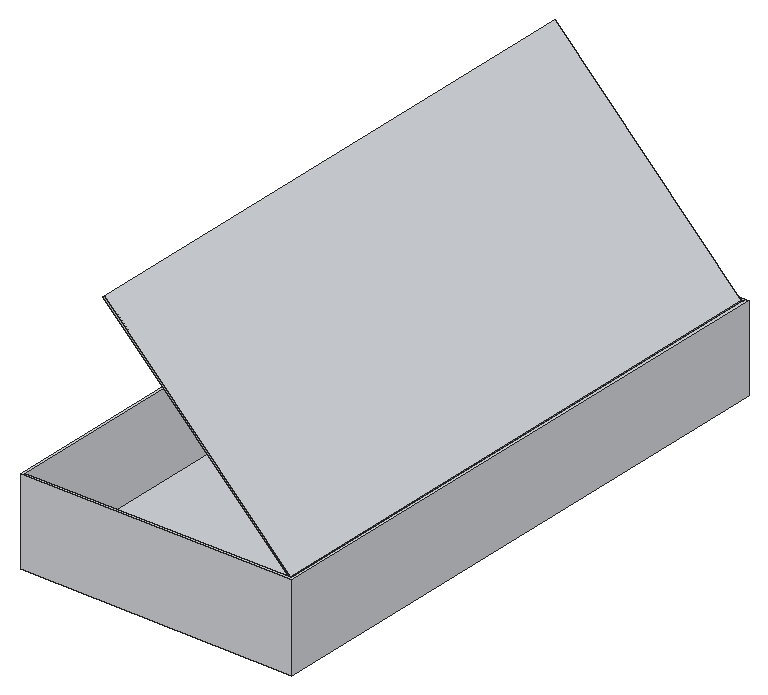
Revit family "Volta-IP30-Surface_mounted-leer-AT-de", category Electrical Equipment, host Face, Revit 2020
Family settings
  Host = Face
  Panel Configuration = Two Columns, Circuits Across
  Round Connector Dimension = Use Diameter
  Part Type = Panelboard
  Cut with Voids When Loaded = No
  Shared = No
  Room Calculation Point = No
Parameters (values of type "Aufputz IP30 B305 H640 T96.5 12 Teilungseinheiten - VA48WWH")
  Width Control [instance] = if([HG000006 - Unterputz], if([EF000846 - Einbaubreite] > min_whd, [EF000846 - Einbaubreite], min_whd), if([EF000008 - Breite] > min_whd, ([EF000008 - Breite]), min_whd))  # 305 mm
  Void Depth [instance] = if([HG000006 - Unterputz], Depth Control, 1 mm)  # 1 mm
  Type Comments = [HG000003 - Bereich]  # "Volta"
  System Height [instance] = Height Control - 2 * [HG000005 - Dicke]  # 634 mm
  Model = [HG000004 - Herstellerreferenz]  # "VA48WWH"
  HG000011 - Leere Reihen von unten = no
  HG000010 - Asymmetrische Türen = no
  HG000009 - Doppelflügeligen Tür = no
  HG000008 - Anzahl der leeren Reihen = 0
  HG000007 - Anzahl der leeren Spalten = 0
  HG000006 - Unterputz = no
  HG000005 - Dicke = 3 mm  # constant formula
  HG000004 - Herstellerreferenz = "VA48WWH"
  HG000003 - Bereich = "Volta"
  HG000002 - Mit tür = yes
  HG000001 - Anzahl der Spalten = 0
  EF015941 - Signaldurchlassende Tür = no
  EF015777 - Neutralleiterklemmenblock = no
  EF015776 - Erdungsklemmenblock = no
  EF009212 - Ausführung Deckel = "EV009916 - mit Ausschnitt"
  EF006306 - Mit Schloss = no
  EF006244 - Transparenter Deckel/Tür = no
  EF005474 - Schutzart (IP) = "EV006410 - IP30"
  EF004462 - Art der Schließung = "EV000154 - sonstige"
  EF002950 - Breite in Teilungseinheiten = 12
  EF001596 - Werkstoff des Gehäuses = "EV000154 - sonstige"
  EF001134 - DIN-Schiene = yes
  EF001131 - Innentiefe = 92 mm
  EF001088 - Anbaumöglichkeit = yes
  EF001062 - EMV-Ausführung = no
  EF000846 - Einbaubreite = 0 mm
  EF000339 - Art der Abdeckung = "EV004216 - Tür"
  EF000332 - Einbauhöhe = 0 mm
  EF000266 - Anzahl der Reihen = 0
  EF000218 - Einbautiefe = 0 mm
  EF000118 - Mit Montageplatte = yes
  EF000116 - RAL-Nummer = "9010"
  EF000049 - Tiefe = 96 mm
  EF000040 - Höhe = 640 mm
  EF000008 - Breite = 305 mm
  EF000007 - Farbe = "EV000202 - weiß"
  EF000003 - Montageart = "EV000384 - Aufputz"
  Arrow Offset [instance] = Depth Control / 8  # 12 mm
  Arrow Height [instance] = Depth Control - Arrow Offset  # 84 mm
  Host Offset [instance] = if([HG000006 - Unterputz], 0 mm, [EF000049 - Tiefe])  # 96 mm
  min_whd [instance] = (2 * [HG000005 - Dicke]) + 1 mm  # 7 mm
  Manufacturer = "Hager"  # constant formula
  Height Control [instance] = if([HG000006 - Unterputz], if([EF000332 - Einbauhöhe] > min_whd, [EF000332 - Einbauhöhe], min_whd), if([EF000040 - Höhe] > min_whd, ([EF000040 - Höhe]), min_whd))  # 640 mm
  Flush Mounted - Door Frame Width [instance] = if(([EF000040 - Höhe] - [EF000332 - Einbauhöhe]) > 0 mm, if([HG000006 - Unterputz], [EF000040 - Höhe] - [EF000332 - Einbauhöhe], 0 mm), 0 mm)  # 0 mm
  Tür rechts [instance] = yes
  Tür links [instance] = not(Tür rechts)  # no
  Türschwenkwinkel [instance] = 45.00°
  3D-Türsichtbarkeit [instance] = yes
  Depth Control [instance] = if([HG000006 - Unterputz], if([EF000218 - Einbautiefe] > 0 mm, [EF000218 - Einbautiefe], 1 mm), if([EF000049 - Tiefe] > 0 mm, ([EF000049 - Tiefe]), 1 mm))  # 96 mm
  Default Elevation = 0 mm
  Sichtbarkeit der Türöffnung [instance] = no
Types (4, lengths in mm): name | System Height | Model | HG000004 - Herstellerreferenz | EF000040 - Höhe | Height Control
  Aufputz IP30 B305 H515 T96.5 12 Teilungseinheiten - VA36NW | 509 | "VA36NW" | "VA36NW" | 515 | 515
  Aufputz IP30 B305 H515 T96.5 12 Teilungseinheiten - VA36WWH | 509 | "VA36WWH" | "VA36WWH" | 515 | 515
  Aufputz IP30 B305 H640 T96.5 12 Teilungseinheiten - VA48NW | 634 | "VA48NW" | "VA48NW" | 640 | 640
  Aufputz IP30 B305 H640 T96.5 12 Teilungseinheiten - VA48WWH | 634 | "VA48WWH" | "VA48WWH" | 640 | 640
Reference planes
  plane 1 "Center (Front/Back)": y = 0
  plane 2: z = 0
  plane 3 "Center (Left/Right)": x = 0
  plane 4: z = 96
  plane 5: y = 3
  plane 6: z = 91
  plane 7: y = 320
  plane 8: y = 0
  plane 9: y = 640
  plane 10: z = 0
  plane 11: x = -152.5
  plane 12: x = 152.5
  plane 13: x = 149.5
  plane 14: x = -149.5
  plane 15: y = 637
  plane 16: z = 3
  plane 17: z = 93
  plane 18: z = -1
  plane 19: z = 93
Forms (mm)
  Extrusion 1, solid
    sketch origin (-583.045, 0, 1219.2) x (-1, 0, 0) y (0, 0, 1)
      loop
        line (-430.545, -1123.2) -> (-735.545, -1123.2) -> (-735.545, -1219.2) -> (-430.545, -1219.2) -> (-430.545, -1123.2)
    from 0 to 640 <- "Height Control"
  Extrusion 2, void
    sketch origin (-381.607, -4572, 96) x (0, -1, 0) y (-1, 0, 0)
      loop
        line (-5209, -232.107) -> (-5209, -531.107) -> (-4575, -531.107) -> (-4575, -232.107) -> (-5209, -232.107)
    from 0 to 93
  Extrusion 3, void
    sketch origin (0, 0, 0) x (1, 0, 0) y (0, 1, 0)
      loop
        line (-152.5, 0) -> (152.5, 0) -> (152.5, 640) -> (-152.5, 640) -> (-152.5, 0)
    from -1 to 1
  Extrusion 4, solid, detail levels coarse
    sketch origin (-381.607, -4572, 96) x (-1, 0, 0) y (0, -1, 0)
      loop
        line (-232.107, -5209) -> (-232.107, -4575) -> (-531.107, -4575) -> (-531.107, -5209) -> (-232.107, -5209)
    from 0 to -3
Cuts and joins
  Extrusion 2 cuts Extrusion 1
Dimensions and locks
  plane 4 to plane 6 = 5 mm
  "Host Offset": plane 4 to host face
  "Flush Mounted - Door Frame Width": plane 1 "Center (Front/Back)" to plane 8
  "HG000005 - Dicke": plane 5 to plane 8
  locked: connector elem to plane 3 "Center (Left/Right)"
  "Height Control": plane 9 to plane 8
  equal spacing: plane 9, plane 7, plane 8
  locked: connector elem to plane 7
  "Depth Control": plane 4 to plane 10
  "HG000005 - Dicke": plane 11 to plane 14
  "HG000005 - Dicke": plane 12 to plane 13
  equal spacing: plane 11, plane 3 "Center (Left/Right)", plane 12
  "Width Control": plane 11 to plane 12
  "Arrow Offset": nested 4 to plane 10
  "HG000005 - Dicke": plane 9 to plane 15
  "HG000005 - Dicke": plane 16 to plane 10
  "HG000005 - Dicke": plane 4 to plane 17
  "Void Depth": plane 2 to plane 18
  "HG000005 - Dicke": plane 4 to plane 19
  aligned and locked: plane 2 to host face
  aligned and locked: level to host face
  aligned and locked: plane 3 "Center (Left/Right)" to nested 2
  aligned and locked: plane 4 to nested 2
  aligned and locked: nested 2 to plane 8
  aligned and locked: nested 1 to plane 6
  aligned and locked: plane 5 to nested 1
  aligned and locked: nested 4 to plane 11
  aligned and locked: nested 3 to plane 4
  aligned and locked: Extrusion 1 sketch curve to plane 12
  aligned and locked: Extrusion 1 sketch curve to plane 11
  aligned and locked: nested 3 to plane 10
  aligned and locked: plane 10 to Extrusion 1 sketch curve
  aligned and locked: plane 5 to Extrusion 2 sketch curve
  aligned and locked: Extrusion 2 sketch curve to plane 15
  aligned and locked: Extrusion 2 sketch curve to plane 14
  aligned and locked: Extrusion 2 sketch curve to plane 13
  aligned and locked: plane 11 to Extrusion 3 sketch curve
  aligned and locked: plane 9 to Extrusion 3 sketch curve
  aligned and locked: Extrusion 3 sketch curve to plane 8
  aligned and locked: plane 12 to Extrusion 3 sketch curve
  aligned and locked: nested 3 to plane 12
  aligned and locked: Extrusion 3 to plane 18
  aligned and locked: Extrusion 2 to plane 16
  aligned and locked: Extrusion 1 sketch curve to plane 4
  aligned and locked: Extrusion 4 to plane 17
  aligned and locked: Extrusion 4 sketch curve to plane 15
  aligned and locked: Extrusion 4 sketch curve to plane 13
  aligned and locked: Extrusion 4 sketch curve to plane 14
  aligned and locked: plane 5 to Extrusion 4 sketch curve
Automatic sketch dimensions
  host sketch curve to host sketch curve = 1469.727 mm
  host sketch curve to host sketch curve = 1318.837 mm
Nested families
  nested 1: "Hager_Enclosure_System" at (0, 3, 91) x (1, 0, 0) z (0, 1, 0), Depth <- "HG000005 - Dicke", Height <- "System Height", Width <- "EF000008 - Breite", Border <- "HG000005 - Dicke", Flush_Mounted <- "HG000006 - Unterputz", Built-in_Width <- "EF000846 - Einbaubreite", Row_Module_Multiplicator <- "EF002950 - Breite in Teilungseinheiten", Total_No_Empty_Rows <- "HG000008 - Anzahl der leeren Reihen", Total_No_Rows <- "EF000266 - Anzahl der Reihen", Empty_Columns <- "HG000007 - Anzahl der leeren Spalten", No_Rows <- "EF000266 - Anzahl der Reihen", No_Columns <- "HG000001 - Anzahl der Spalten", Width_Control <- "Width Control", Empty_Rows_From_Bottom <- "HG000011 - Leere Reihen von unten", type "Hager_Enclosure_System", detail levels medium+fine
    with Width_Control 305 mm, Width 305 mm, Total_No_Rows 0, Total_No_Empty_Rows 0, Total_No_Columns 1, System_Width 299 mm, Rows_Column 0, Row_Module_Multiplicator 12, Panel_4 no, Panel_3 no, Panel_2 no, Panel_1 no, No_Rows 0, No_Panels_Ctrl 1, No_Columns 0, Hide_Columns yes, Height 634 mm, Flush_Mounted no, Empty_Rows_From_Bottom no, Empty_Rows_Column 0, Empty_Columns 0, Depth 3 mm, Column_Width 299 mm, Built-in_Width 0 mm, Border 3 mm
  nested 2: "Hager_Enclosure_Door" at (0, 0, 96) x (1, 0, 0) z (0, 1, 0), Border <- "HG000005 - Dicke", Door_Right <- "Tür rechts", Flush_Mounted <- "HG000006 - Unterputz", Depth <- "EF000049 - Tiefe", Width <- "EF000008 - Breite", Door_Left <- "Tür links", 3d_Door <- "3D-Türsichtbarkeit", BuiltIn_Width <- "EF000846 - Einbaubreite", BuiltIn_Height <- "EF000332 - Einbauhöhe", BuiltIn_Depth <- "EF000218 - Einbautiefe", Angle <- "Türschwenkwinkel", Assymetrical <- "HG000010 - Asymmetrische Türen", Double <- "HG000009 - Doppelflügeligen Tür", Clearance <- "Sichtbarkeit der Türöffnung", Transparent <- "EF006244 - Transparenter Deckel/Tür", Door <- "HG000002 - Mit tür", Height_Ctrl <- "Height Control", Width_Ctrl <- "Width Control", Height <- "EF000040 - Höhe", type "Hager_Enclosure_Door", detail levels medium+fine
    with min_wh 7 mm, Width_Ctrl 305 mm, Width 305 mm, Transparent no, Leaf_Width 296 mm, Leaf_Tolerance 1.5 mm, Leaf_Height 631 mm, Leaf_2_Width 296 mm, Leaf_2_Offset 148 mm, Leaf_1_Width 296 mm, Leaf_1_Offset 148 mm, Height_Ctrl 640 mm, Height 640 mm, Frame_Width_Ctrl 305 mm, Frame_Width 305 mm, Frame_Internal_Offset 0 mm, Frame_Height_Ctrl 640 mm, Frame_Height 640 mm, Frame_Depth_Ctrl 1 mm, Frame_Depth 0 mm, Flush_Mounted no, Double_Clearance_Ctrl no, Double no, Door_Right_Ctrl yes, Door_Right yes, Door_Left_Ctrl no, Door_Left no, Door yes, Depth 96 mm, Clearance_Depth 296 mm, Clearance_Ctrl no, Clearance no, BuiltIn_Width 0 mm, BuiltIn_Height 0 mm, BuiltIn_Depth 0 mm, Border 3 mm, Assymetrical no, Angle 45.00°, 3d_Door yes
  nested 3: "Hager_Enclosure_Symbol_Triangle" at (-152.5, 0, 0) x (1, 0, 0) z (0, -1, 0), Depth <- "Depth Control", Width <- "Width Control", type "Hager_Enclosure_Symbol_Triangle"
    with Width_Ctrl 305 mm, Width 305 mm, Depth_Ctrl 96 mm, Depth 96 mm
  nested 4: "Hager_Enclosure_Symbol_Arrow" at (-152.5, 0, 12) x (1, 0, 0) z (0, -1, 0), Height <- "Arrow Height", type "Hager_Enclosure_Symbol_Arrow"
    with Width_Inside 6.3 mm, Width 75.6 mm, Height_Ctrl 84 mm, Height 84 mm
Connectors
  electrical at (0, 320, 0)
    settings: on plane 10, index 1, voltage 0 V, apparent load 0 VA, apparent load phase1 0 VA, apparent load phase2 0 VA, apparent load phase3 0 VA, power factor 1, load classification "Other", number of poles 1, system type 30, power factor state 1, is connector primary yes, connector utility no, sub classification motor no, connector description ""
Definition of nested family "Hager_Enclosure_Door"
  Parameters (values of type "Hager_Enclosure_Door")
    min_wh [instance] = (2 * Border) + 1 mm  # 11 mm
    Width_Ctrl [instance] = 400 mm
    Width [instance] = 500 mm
    Transparent [instance] = yes
    Leaf_Width [instance] = if((Width_Ctrl - 2 * Border - 2 * Leaf_Tolerance) > 0 mm, (Width_Ctrl - 2 * Border - 2 * Leaf_Tolerance), min_wh)  # 387 mm
    Leaf_Tolerance [instance] = 1.5 mm  # constant formula
    Leaf_Height [instance] = if((Height_Ctrl - 2 * Border - 2 * Leaf_Tolerance) > 0 mm, (Height_Ctrl - 2 * Border - 2 * Leaf_Tolerance), min_wh)  # 387 mm
    Leaf_2_Width [instance] = if(and(and(Double, Assymetrical), Door_Left), (Leaf_Width / 3) - (Leaf_Tolerance / 2), if(and(and(Double, Assymetrical), Door_Right), (Leaf_Width / 3) * 2 - (Leaf_Tolerance / 2), if(and(Double, not(Assymetrical)), (Leaf_Width / 2) - Leaf_Tolerance, Leaf_Width)))  # 192 mm
    Leaf_2_Offset [instance] = if(and(Double, Assymetrical), Leaf_2_Width / 2, if(and(Double, not(Assymetrical)), Leaf_Width / 4, Leaf_Width / 2))  # 96.75 mm
    Leaf_1_Width [instance] = if(and(and(Double, Assymetrical), Door_Right), (Leaf_Width / 3) - (Leaf_Tolerance / 2), if(and(and(Double, Assymetrical), Door_Left), (Width / 3) * 2 - (Leaf_Tolerance / 2), if(and(Double, not(Assymetrical)), (Leaf_Width / 2) - Leaf_Tolerance, Leaf_Width)))  # 192 mm
    Leaf_1_Offset [instance] = if(and(Double, Assymetrical), Leaf_1_Width / 2, if(and(Double, not(Assymetrical)), Leaf_Width / 4, Leaf_Width / 2))  # 96.75 mm
    Height_Ctrl [instance] = 400 mm
    Height [instance] = 500 mm
    Frame_Width_Ctrl [instance] = if(Frame_Width > 0 mm, Frame_Width, 1 mm)  # 1 mm
    Frame_Width [instance] = Width - BuiltIn_Width  # 0 mm
    Frame_Internal_Offset [instance] = if(Flush_Mounted, Border, 0 mm)  # 0 mm
    Frame_Height_Ctrl [instance] = if(Frame_Height > 0 mm, Frame_Height, 1 mm)  # 1 mm
    Frame_Height [instance] = Height - BuiltIn_Height  # 0 mm
    Frame_Depth_Ctrl [instance] = if(Frame_Depth > 0 mm, Frame_Depth, 1 mm)  # 1 mm
    Frame_Depth [instance] = if(Depth - BuiltIn_Depth > 0 mm, if(Flush_Mounted, Depth - BuiltIn_Depth, 0 mm), 0 mm)  # 0 mm
    Flush_Mounted [instance] = no
    Double_Clearance_Ctrl [instance] = and(Double, Clearance)  # yes
    Double [instance] = yes
    Door_Right_Ctrl [instance] = and(or(Door_Right, Double), Door)  # yes
    Door_Right [instance] = yes
    Door_Left_Ctrl [instance] = and(or(Door_Left, Double), Door)  # yes
    Door_Left [instance] = no
    Door [instance] = yes
    Depth [instance] = 500 mm
    Default Elevation = 1219.2 mm
    Clearance_Material = none
    Clearance_Depth [instance] = if(Leaf_1_Width > Leaf_2_Width, Leaf_1_Width, Leaf_2_Width)  # 192 mm
    Clearance_Ctrl [instance] = and(not(Double), Clearance)  # no
    Clearance [instance] = yes
    BuiltIn_Width [instance] = 500 mm
    BuiltIn_Height [instance] = 500 mm
    BuiltIn_Depth [instance] = 500 mm
    Border [instance] = 5 mm
    Assymetrical [instance] = no
    Angle [instance] = 65.00°
    3d_Door [instance] = yes
  Reference planes
    plane 1 "Center (Front/Back)": y = 0
    plane 2 "Bottom": z = 0
    plane 3 "Center (Left/Right)": x = 0
    plane 4: z = 400
    plane 5: x = -200
    plane 6: x = 200
    plane 7: z = 395
    plane 8: x = -195
    plane 9: z = 5
    plane 10: x = 195
    plane 11: y = 0
    plane 12: z = 6.5
    plane 13: x = -387
    plane 14: y = -192
    plane 15: x = 387
    plane 16: x = -96.75
    plane 17: x = 96.75
    plane 18: x = -193.5
    plane 19: x = 193.5
    plane 20: z = 393.5
  Forms (mm)
    Extrusion 1, solid, visible <- "Flush_Mounted"
      sketch origin (0, 0, 0) x (1, 0, 0) y (0, 0, 1)
        loop
          line (200, 0) -> (200, 400) -> (-200, 400) -> (-200, 0) -> (200, 0)
        loop
          line (-201, 401) -> (-201, -1) -> (201, -1) -> (201, 401) -> (-201, 401)
      from 0 to 1 <- "Frame_Depth_Ctrl"
    Extrusion 2, solid, material <- "Clearance_Material", visible <- "Double_Clearance_Ctrl"
      sketch origin (1200, 0, 0) x (1, 0, 0) y (0, 0, -1)
        loop
          line (-1587, -393.5) -> (-813, -393.5) -> (-813, 0) -> (-1587, 0) -> (-1587, -393.5)
      from 0 to -192
  Dimensions and locks
    equal spacing: plane 5, plane 3 "Center (Left/Right)", plane 6
    "Width_Ctrl": plane 5 to plane 6
    "Border": plane 5 to plane 8
    "Border": plane 6 to plane 10
    "Border": plane 9 to level
    "Border": plane 4 to plane 7
    "Height_Ctrl": plane 4 to level
    "Leaf_Tolerance": plane 12 to plane 9
    "Frame_Depth": plane 11 to plane 1 "Center (Front/Back)"
    "Frame_Width_Ctrl": plane 5 to Extrusion 1 sketch curve
    "Frame_Width_Ctrl": plane 6 to Extrusion 1 sketch curve
    "Frame_Width_Ctrl": Extrusion 1 sketch curve to plane 4
    "Frame_Width_Ctrl": plane 2 "Bottom" to Extrusion 1 sketch curve
    "Leaf_1_Offset": plane 18 to plane 16
    "Leaf_2_Offset": plane 17 to plane 19
    "Leaf_1_Width": plane 13 to plane 8
    "Leaf_2_Width": plane 10 to plane 15
    "Clearance_Depth": plane 14 to plane 1 "Center (Front/Back)"
    "Leaf_Tolerance": plane 8 to plane 18
    "Leaf_Tolerance": plane 19 to plane 10
    "Leaf_Tolerance": plane 7 to plane 20
    "Frame_Internal_Offset": plane 5 to Extrusion 1 sketch curve
    "Frame_Internal_Offset": Extrusion 1 sketch curve to plane 2 "Bottom"
    "Frame_Internal_Offset": plane 6 to Extrusion 1 sketch curve
    "Frame_Internal_Offset": plane 4 to Extrusion 1 sketch curve
    aligned and locked: level to plane 2 "Bottom"
    aligned and locked: nested 1 to plane 16
    aligned and locked: nested 2 to plane 17
    aligned and locked: Extrusion 2 to plane 13
    aligned and locked: plane 15 to Extrusion 2
    aligned and locked: Extrusion 2 to plane 14
    aligned and locked: plane 12 to nested 1
    aligned and locked: nested 2 to plane 12
    aligned and locked: Extrusion 2 to plane 11
    aligned and locked: plane 20 to Extrusion 2
    aligned and locked: nested 2 to plane 11
    aligned and locked: nested 1 to plane 11
  Automatic sketch dimensions
    Extrusion 2 sketch curve to level = 0 mm
    plane 5 to Extrusion 2 sketch curve = 187 mm
    plane 6 to Extrusion 2 sketch curve = 187 mm
    Extrusion 2 sketch curve to plane 4 = 6.5 mm
  Nested families
    nested 1: "Hager_Enclosure_Door_Leaf" at (-96.75, 0, 6.5), Width <- "Leaf_1_Width", visible <- "Door_Left_Ctrl", Leaf_Height <- "Leaf_Height", Angle <- "Angle", Depth <- "Border", 3d_Door <- "3d_Door", Transparent <- "Transparent", Clearance Material <- "Clearance_Material", Clearance <- "Clearance_Ctrl", type "Hager_Enclosure_Door_Leaf"
      with Width 192 mm, Transparent_Door_Border 25 mm, Transparent_Ctrl yes, Transparent yes, Standard no, Leaf_Height 387 mm, Glass_Offset 1 mm, Depth 5 mm, Clearance Material none, Clearance no, Angle_Ctrl 65.00°, Angle 65.00°, 3d_Door yes
    nested 2: "Hager_Enclosure_Door_Leaf" at (96.75, 0, 6.5) x (-1, 0, 0) z (0, 0, 1), Width <- "Leaf_2_Width", visible <- "Door_Right_Ctrl", Leaf_Height <- "Leaf_Height", Angle <- "Angle", Depth <- "Border", 3d_Door <- "3d_Door", Transparent <- "Transparent", Clearance Material <- "Clearance_Material", Clearance <- "Clearance_Ctrl", type "Hager_Enclosure_Door_Leaf"
      with Width 192 mm, Transparent_Door_Border 25 mm, Transparent_Ctrl yes, Transparent yes, Standard no, Leaf_Height 387 mm, Glass_Offset 1 mm, Depth 5 mm, Clearance Material none, Clearance no, Angle_Ctrl 65.00°, Angle 65.00°, 3d_Door yes
  Definition of nested family "Hager_Enclosure_Door_Leaf"
    Parameters (values of type "Hager_Enclosure_Door_Leaf")
      Width [instance] = 200 mm
      Transparent_Door_Border [instance] = 25 mm  # constant formula
      Transparent_Ctrl [instance] = and(Transparent, [3d_Door])  # yes
      Transparent [instance] = yes
      Standard [instance] = and(not(Transparent), [3d_Door])  # no
      Leaf_Height [instance] = 500 mm
      Glass_Offset [instance] = if((Depth - 10 mm) / 2 > 0 mm, (Depth - 10 mm) / 2, 1 mm)  # 1 mm
      Glass_Material = none
      Depth [instance] = 3 mm
      Default Elevation = 0 mm
      Clearance Material [instance] = none
      Clearance [instance] = no
      Angle_Ctrl [instance] = if(Angle > 170.00°, 170.00°, Angle)  # 163.00°
      Angle [instance] = 163.00°
      3d_Door [instance] = yes
    Reference planes
      plane 1 "Center (Front/Back)": y = 0
      plane 2: z = 0
      plane 3 "Center (Left/Right)": x = 0
      plane 4: y = 200
      plane 5: x = -100
      plane 6: x = 100
      plane 7: x = -300
      plane 8: z = 500
      plane 9: z = 25
      plane 10: z = 475
      plane 11: x = 75
      plane 12: x = -75
    Forms (mm)
      Extrusion 1, solid, material <- "Clearance Material", visible <- "Clearance"
        sketch origin (0, 0, 0) x (1, 0, 0) y (0, 0, 1)
          loop
            line (-300, 500) -> (-300, 0) -> (100, 0) -> (100, 500) -> (-300, 500)
        from 0 to -200
      Extrusion 2, solid, visible <- "Standard", detail levels fine
        sketch origin (-100, 0, 0) x (-0.956305, 0.292372, 0) y (-0.292372, -0.956305, 0)
          loop
            line (0, -3) -> (200, -3) -> (200, 0) -> (0, 0) -> (0, -3)
        from 0 to 500 <- "Leaf_Height"
      Extrusion 3, solid, visible <- "Transparent_Ctrl", detail levels fine
        sketch origin (-100, 0, 0) x (-0.956305, 0.292372, 0) y (-0.292372, -0.956305, 0)
          loop
            line (0, -3) -> (200, -3) -> (200, 0) -> (0, 0) -> (0, -3)
        from 0 to 500 <- "Leaf_Height"
      Extrusion 4, void, detail levels fine
        sketch origin (-100, 0, 0) x (-0.292372, -0.956305, 0) y (-0.956305, 0.292372, 0)
          loop
            line (0, 25) -> (0, 175) -> (-3, 175) -> (-3, 25) -> (0, 25)
        from -475 to -25
      Extrusion 5, solid, material <- "Glass_Material", visible <- "Transparent_Ctrl", detail levels fine
        sketch origin (-100, 0, 0) x (-0.956305, 0.292372, 0) y (-0.292372, -0.956305, 0)
          loop
            line (25, -1) -> (25, -2) -> (175, -2) -> (175, -1) -> (25, -1)
        from 25 to 475
    Cuts and joins
      Extrusion 4 cuts Extrusion 3
    Lines and regions (mm)
      symbolic lines
        curve 1: line (100, 0, 0) -> (-300, 0, 0)
        curve 2: arc (100, 0, 0) -> (-100, 200, 0) -> (-300, 0, 0) r 200
        curve 4: line (-100, 0, 0) -> (-291.261, 58.474, 0)
      reference lines
        curve 3: line (-100, 0, 0) -> (-291.261, 58.474, 0)
      symbolic lines, detail levels medium+fine
        curve 5: line (-291.261, 58.474, 0) -> (-290.384, 61.343, 0)
        curve 6: line (-290.384, 61.343, 0) -> (-99.123, 2.869, 0)
        curve 7: line (-99.123, 2.869, 0) -> (-100, 0, 0)
      symbolic lines, detail levels fine
        curve 8: line (-100, 0, 500) -> (100, 0, 500)
        curve 9: line (-100, 0, 0) -> (-100, 0, 500)
        curve 10: line (100, 0, 0) -> (-100, 0, 0)
        curve 11: line (100, 0, 500) -> (100, 0, 0)
      symbolic lines, visible <- "Transparent_Ctrl", detail levels fine
        curve 12: line (-75, 0, 475) -> (75, 0, 475)
        curve 13: line (-75, 0, 25) -> (-75, 0, 475)
        curve 14: line (75, 0, 25) -> (-75, 0, 25)
        curve 15: line (75, 0, 475) -> (75, 0, 25)
    Dimensions and locks
      "Width": plane 1 "Center (Front/Back)" to plane 4
      equal spacing: plane 5, plane 3 "Center (Left/Right)", plane 6
      "Width": plane 5 to plane 6
      "Width": plane 7 to plane 5
      "Leaf_Height": plane 8 to level
      "Depth": curve 6 to curve 3
      "Width": curve 5 to curve 3
      "Width": curve 3 to curve 3
      "Transparent_Door_Border": Extrusion 4 sketch curve to curve 7
      "Transparent_Door_Border": Extrusion 4 sketch curve to curve 5
      "Transparent_Door_Border": plane 8 to plane 10
      "Transparent_Door_Border": plane 9 to level
      "Glass_Offset": Extrusion 5 sketch curve to curve 4
      "Glass_Offset": Extrusion 5 sketch curve to curve 6
      "Transparent_Door_Border": Extrusion 5 sketch curve to curve 5
      "Transparent_Door_Border": Extrusion 5 sketch curve to curve 7
      "Transparent_Door_Border": plane 12 to plane 5
      "Transparent_Door_Border": plane 6 to plane 11
      "Angle_Ctrl": angle plane 1 "Center (Front/Back)" to curve 3
      aligned and locked: level to plane 2
      aligned and locked: Extrusion 1 to curve 1
      aligned and locked: plane 6 to Extrusion 1
      aligned and locked: plane 1 "Center (Front/Back)" to Extrusion 1
      aligned and locked: plane 4 to Extrusion 1
      aligned and locked: plane 8 to Extrusion 1
      aligned and locked: curve 4 to curve 3
      aligned and locked: Extrusion 2 sketch curve to curve 7
      aligned and locked: Extrusion 2 sketch curve to curve 6
      aligned and locked: Extrusion 2 sketch curve to curve 5
      aligned and locked: Extrusion 2 sketch curve to curve 3
      aligned and locked: curve 7 to Extrusion 3 sketch curve
      aligned and locked: Extrusion 3 sketch curve to curve 4
      aligned and locked: Extrusion 3 sketch curve to curve 6
      aligned and locked: Extrusion 3 sketch curve to curve 5
      aligned and locked: curve 4 to Extrusion 4 sketch curve
      aligned and locked: curve 6 to Extrusion 4 sketch curve
      aligned and locked: Extrusion 4 to plane 9
      aligned and locked: Extrusion 4 to plane 10
      aligned and locked: Extrusion 5 to plane 9
      aligned and locked: Extrusion 5 to plane 10
      aligned and locked: curve 8 to plane 8
      aligned and locked: plane 5 to curve 9
      aligned and locked: plane 2 to curve 10
      aligned and locked: curve 11 to plane 6
      aligned and locked: plane 10 to curve 12
      aligned and locked: plane 12 to curve 13
      aligned and locked: plane 9 to curve 14
      aligned and locked: plane 11 to curve 15
    Automatic sketch dimensions
      plane 1 "Center (Front/Back)" to curve 2 = 0 mm
      curve 2 to plane 5 = 0 mm
      Extrusion 1 sketch curve to level = 0 mm
      Extrusion 1 sketch curve to plane 7 = 0 mm
      Extrusion 1 sketch curve to plane 6 = 0 mm
      Extrusion 1 sketch curve to plane 8 = 0 mm
      plane 1 "Center (Front/Back)" to curve 3 = 0 mm
      curve 3 to plane 5 = 0 mm
      curve 7 to curve 3 = 0 mm
Definition of nested family "Hager_Enclosure_Symbol_Triangle"
  Parameters (values of type "Hager_Enclosure_Symbol_Triangle")
    Width_Ctrl [instance] = if(Width > 1 mm, Width, 1 mm)  # 498 mm
    Width [instance] = 498 mm
    Depth_Ctrl [instance] = if(Depth > 1 mm, Depth, 1 mm)  # 72 mm
    Depth [instance] = 72 mm
  Reference planes
    plane 1 "Centre (avant/arrière)": y = 0
    plane 2: z = 0
    plane 3 "Centre (gauche/droite)": x = 0
  Lines and regions (mm)
    Filled region 1, type "Solid_Black", in view "Niveau de réf."
      outline origin (0, 0, 0) x (1, 0, 0) y (0, 1, 0)
        loop
          line (0, 0) -> (498, 0) -> (498, 72) -> (0, 0)
    reference lines, in view "Niveau de réf."
      curve 1: line (-206.153, 72, 0) -> (1083.258, 72, 0)
      curve 2: line (498, 405.456, 0) -> (498, -517.619, 0)
  Dimensions and locks
    "Depth_Ctrl": plane 1 "Centre (avant/arrière)" to curve 1
    "Width_Ctrl": plane 3 "Centre (gauche/droite)" to curve 2
    aligned and locked: curve 1 to Filled region 1 sketch curve
    aligned and locked: Filled region 1 sketch curve to plane 1 "Centre (avant/arrière)"
    aligned and locked: curve 2 to Filled region 1 sketch curve
    aligned and locked: plane 3 "Centre (gauche/droite)" to Filled region 1 sketch curve
    aligned and locked: plane 1 "Centre (avant/arrière)" to Filled region 1 sketch curve
  Automatic sketch dimensions
    curve 1 to plane 3 "Centre (gauche/droite)" = 206.153 mm
    curve 2 to curve 1 = 585.258 mm
    plane 1 "Centre (avant/arrière)" to curve 2 = 517.619 mm
    curve 2 to plane 1 "Centre (avant/arrière)" = 405.456 mm
Definition of nested family "Hager_Enclosure_Symbol_Arrow"
  Parameters (values of type "Hager_Enclosure_Symbol_Arrow")
    Width_Inside [instance] = if(Width / 12 > 2 mm, Width / 12, 2 mm)  # 4.987 mm
    Width [instance] = if(Height_Ctrl * 0.9 > 2 mm, Height_Ctrl * 0.9, 2 mm)  # 59.85 mm
    Height_Ctrl [instance] = if(Height > 2 mm, Height, 2 mm)  # 66.5 mm
    Height [instance] = 66.5 mm
  Reference planes
    plane 1 "Centre (avant/arrière)": y = 0
    plane 2: z = 0
    plane 3 "Centre (gauche/droite)": x = 0
    plane 4: x = 59.85
    plane 5: y = 28.263
    plane 6: y = 38.238
    plane 7: y = 66.5
    plane 8: x = 29.925
    plane 9: y = 33.25
  Lines and regions (mm)
    Filled region 1, type "Solid_Black", in view "Niveau de réf."
      outline origin (0, 0, 0) x (1, 0, 0) y (0, 1, 0)
        loop
          line (59.85, 66.5) -> (37.929, 52.827) -> (51.846, 41.935) -> (59.85, 66.5)
    detail lines, in view "Niveau de réf."
      curve 1: line (0, 0, 0) -> (29.925, 38.238, 0)
      curve 2: line (29.925, 38.238, 0) -> (29.925, 28.263, 0)
      curve 3: line (29.925, 28.263, 0) -> (59.85, 66.5, 0)
  Dimensions and locks
    "Width": plane 3 "Centre (gauche/droite)" to plane 4
    "Height_Ctrl": plane 7 to plane 1 "Centre (avant/arrière)"
    equal spacing: plane 3 "Centre (gauche/droite)", plane 8, plane 4
    equal spacing: plane 7, plane 9, plane 1 "Centre (avant/arrière)"
    equal spacing: plane 6, plane 9, plane 5
    "Width_Inside": plane 6 to plane 9
    equal spacing: curve 3, Filled region 1 sketch curve, Filled region 1 sketch curve
    angle Filled region 1 sketch curve to curve 3 = 20.00°
    angle curve 3 to Filled region 1 sketch curve = 20.00°
    locked: curve 3 to Filled region 1 sketch curve (angle 90.00°)
  Automatic sketch dimensions
    plane 1 "Centre (avant/arrière)" to curve 1 = 0 mm
    curve 1 to plane 3 "Centre (gauche/droite)" = 0 mm
    curve 2 to plane 6 = 0 mm
    curve 3 to plane 8 = 0 mm
    curve 3 to plane 4 = 0 mm
    curve 2 to plane 5 = 0 mm
    curve 3 to plane 7 = 0 mm
    Filled region 1 sketch curve to plane 4 = 0 mm
    Filled region 1 sketch curve to plane 7 = 0 mm
